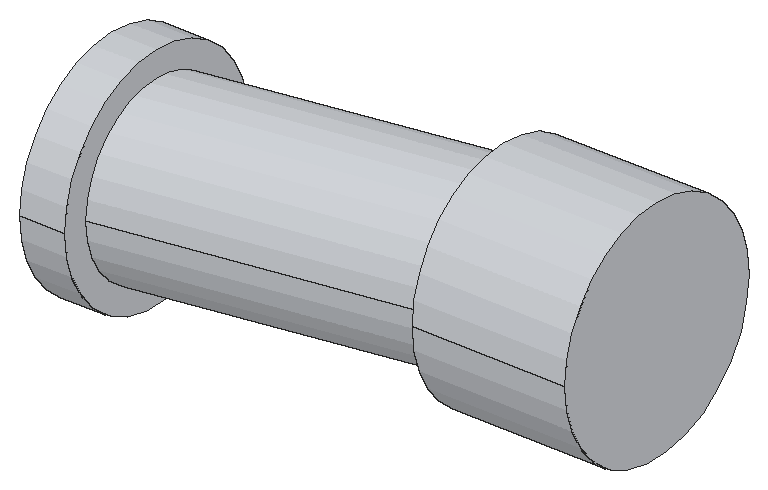
Revit family "4c344fe3cd2f4637b546a5e842b907ec", category Conduit Fittings, Revit 2021
Family settings
  Round Connector Dimension = Use Radius
  Part Type = Multi Port
  OmniClass Number = 23.80.30.17.11
  OmniClass Title = Conduits
  Work Plane-Based = No
  Always vertical = Yes
  Cut with Voids When Loaded = No
  Shared = No
Parameters (values of type "Standard")
  Thread Length [instance] = 0.2 * Length  # 0.2874"
  Offset [instance] = 1/4"
  Nut Thickness [instance] = Fitting Outside Radius / 2  # 0.21"
  Nominal Radius [instance] = 1/4"
  Nominal Diameter [instance] = Nominal Radius * 2  # 1/2"
  Length 2 [instance] = 5' 0" + Offset  # 60 1/4"
  Length 1 [instance] = Length / 2  # 0.7185"
  Total Length [instance] = 1.5 * Length + Thread Length + Nut Thickness  # 2.6529"
  End Outside Radius [instance] = End Outside Diameter / 2  # 0.54"
  End Outside Diameter [instance] = size_lookup(Conduit Size Lookup, "EOD", 1.14 * Nominal Diameter + 1/2", Nominal Diameter)  # 1.08"
  Fitting Outside Radius [instance] = Fitting Outside Diameter / 2  # 0.42"
  Fitting Outside Diameter [instance] = size_lookup(Conduit Size Lookup, "FOD", 1.06 * Nominal Diameter + 37/128", Nominal Diameter)  # 0.84"
  Length [instance] = size_lookup(Conduit Size Lookup, "Lgt", 0.57 * Nominal Diameter + 1 27/64", Nominal Diameter)  # 1.437"
  Default Elevation = 0' - 0"
  Conduit Size Lookup = "Conduit Meter Offset - PVC"
Reference planes (in)
  plane 1 "Center (Front/Back)": y = 0
  plane 2: z = 0
  plane 3 "Center (Left/Right)": x = 0
  plane 4: x = 0.21
  plane 5: y = 0.25
  plane 6: x = 1.647
  plane 7: x = 2.3655
  plane 8: y = -60
Forms (in)
  Blend 1, solid, detail levels fine
    base sketch origin (1.42031, 1.01935, 48) x (0, 1, 0) y (0, 0, 1)
      loop
        circle (-1.01935, -48) r 0.42
    top sketch origin (1.42031, 1.01935, 48) x (0, 1, 0) y (0, 0, 1)
      loop
        circle (-0.76935, -48) r 0.42
    from -1.21031 to 0.22669
  Sweep 2, solid, detail levels fine
    path in 3D
      loop
        line (0, 0, 0) -> (0.21, 0, 0)
    profile origin (0.105, 0, 0) x (0, 1, 0) y (0, 0, 1)
      loop
        circle (0, 0) r 0.54
  Sweep 3, solid, detail levels fine
    path in 3D
      loop
        line (1.647, 0.25, 0) -> (2.3655, 0.25, 0)
    profile origin (2.00625, 0.25, 0) x (0, 1, 0) y (0, 0, 1)
      loop
        circle (0, 0) r 0.54
Cuts and joins
  joined: Blend 1, Sweep 2, Sweep 3
Lines and regions (in)
  model lines, detail levels coarse+medium
    curve 1: line (0, 0, 0) -> (0.21, 0, 0)
    curve 2: line (0.21, 0, 0) -> (1.647, 0.25, 0)
    curve 3: line (1.647, 0.25, 0) -> (2.3655, 0.25, 0)
  sketch lines
    curve 4: line (0, 0, 0) -> (0.21, 0, 0)
    curve 5: line (1.647, 0.25, 0) -> (2.3655, 0.25, 0)
Dimensions and locks (in)
  "Nut Thickness": plane 3 "Center (Left/Right)" to plane 4
  "Length": plane 4 to plane 6
  "Length 1": plane 6 to plane 7
  locked: plane 8 to plane 1 "Center (Front/Back)" at 60
  "Length 2": plane 5 to plane 8
  "Fitting Outside Radius": radius of Blend 1 sketch curve  (x2)
  "End Outside Radius": radius of Sweep 2 sketch curve
  "End Outside Radius": radius of Sweep 3 sketch curve
  aligned and locked: plane 1 "Center (Front/Back)" to Blend 1 sketch curve
  aligned and locked: plane 2 to Blend 1 sketch curve  (x2)
  aligned and locked: plane 5 to Blend 1 sketch curve
  aligned and locked: Blend 1 to plane 4
  aligned and locked: plane 6 to Blend 1
  aligned and locked: plane 3 "Center (Left/Right)" to curve 1
  aligned and locked: plane 1 "Center (Front/Back)" to curve 1
  aligned and locked: plane 4 to curve 2
  aligned and locked: plane 1 "Center (Front/Back)" to curve 2
  aligned and locked: plane 6 to curve 2
  aligned and locked: curve 3 to plane 5
  aligned and locked: plane 7 to curve 3
Automatic sketch dimensions
  Sweep 2 sketch curve to profile plane = 0' - 0"  (x2)
  Sweep 3 sketch curve to profile plane = 0' - 0"  (x2)
Connectors (in)
  cabletrayconduit at (0, 0, 0), diameter 0.5, driven by "Nominal Radius"
    settings: on cut or joined group of Blend 1, Sweep 2, Sweep 3, index 1, connector width 1' - 0", connector height 1' - 0", connector angle 0.00°, system type 32, placement type 0, profile type 0, connector reference index 2, is primary connector yes, connector utility param no, connector description ""
  cabletrayconduit at (2.3655, 0.25, 0), diameter 0.5, driven by "Nominal Radius"
    settings: on cut or joined group of Blend 1, Sweep 2, Sweep 3, index 2, connector width 1' - 0", connector height 1' - 0", connector angle 0.00°, system type 32, placement type 0, profile type 0, connector reference index 1, is primary connector no, connector utility param no, connector description ""
